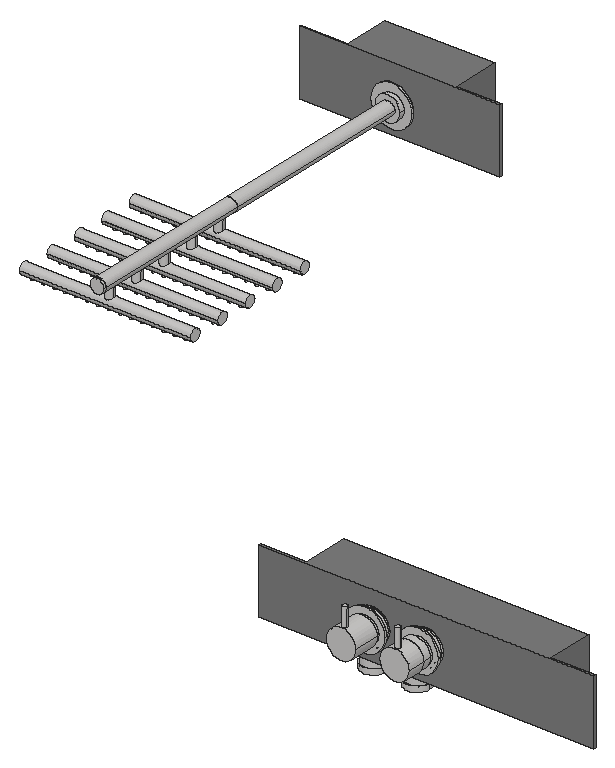
Revit family "5251", category Plumbing Fixtures, Revit 2021
Family settings
  Round Connector Dimension = Use Diameter
  Part Type = Normal
  Work Plane-Based = No
  Always vertical = Yes
  Cut with Voids When Loaded = No
  Shared = No
  Room Calculation Point = No
Parameters
  e-mail = "info@vola.com"
  URL = "http://vola.com"
  Telephone = "+45 7023 5500"
  Shower Head Height = 1800.00 mm
  Quality management standard = "ISO 9001"
  Organisation no. / DUNS no. = "17531328"
  Occupational health and safety management standard = "ISO 18001"
  Mounting Instructions = "http://vola.com/service/producturl.ashx?name=5251"
  Model = "5251"
  Mixer Offset [instance] = 12.00 mm
  Mixer = yes
  Materials and components information = "http://vola.com/service/producturl.ashx?name=5251"
  Manufacturer = "VOLA A/S"
  Maintenance Instructions = "http://vola.com/service/producturl.ashx?name=5251"
  Handle Height = 1100.00 mm
  Guarantee = "2 years"
  Flow = "23,00 l/min"
  Environmental management standard = "ISO 14000"
  Default Elevation = 0.00 mm
  Connection - All relevant connections = "¾\" for water connection"
  Approvals = "http://vola.com/service/producturl.ashx?name=5251"
Reference planes
  plane 1 "Center (Front/Back)": y = 0
  plane 2: z = 0
  plane 3 "Center (Left/Right)": x = 0
  plane 4 "Mixer plane": y = 12
  plane 5: z = 1100
  plane 6 "Wall Surface": y = 0
Forms (mm)
  Extrusion 1, solid, material "Stainless Steel", visible <- "Mixer"
    sketch origin (14.11, 9.5, 1100) x (0, 0, -1) y (1, 0, 0)
      loop
        circle (0, 24.89) r 24.89
    from 0 to 9.5
  Extrusion 2, solid, material "Stainless Steel", visible <- "Mixer"
    sketch origin (-63.89, 9.5, 1100) x (0, 0, -1) y (1, 0, 0)
      loop
        circle (0, 24.89) r 24.89
    from 0 to 9.5
  Extrusion 3, solid, material "Stainless Steel", visible <- "Mixer"
    sketch origin (-145, 12, 1847.5) x (0, 0, -1) y (1, 0, 0)
      loop
        circle (47.5, 145) r 16.5
    from 0.5 to 12 <- "Mixer Offset"
Dimensions and locks
  "Mixer Offset": plane 4 "Mixer plane" to plane 1 "Center (Front/Back)"
  "Handle Height": plane 5 to level
  "Shower Head Height": nested 6 to level
  aligned and locked: plane 2 to level
  aligned and locked: nested 4 to plane 4 "Mixer plane"
  aligned and locked: plane 1 "Center (Front/Back)" to Extrusion 1
  aligned and locked: plane 1 "Center (Front/Back)" to Extrusion 2
  aligned and locked: plane 5 to nested 4
  aligned and locked: nested 5 to plane 5
  aligned and locked: nested 3 to plane 5
  aligned and locked: nested 7 to nested 6
Automatic sketch dimensions
  Extrusion 3 sketch curve to Extrusion 3 sketch curve = 0.00 mm  (x2)
  nested 7 to Extrusion 3 sketch curve = 47.50 mm
  nested 7 to Extrusion 3 sketch curve = 128.50 mm
  Extrusion 3 sketch curve to Extrusion 3 sketch curve = 16.50 mm
  radius of Extrusion 1 sketch curve to nested 4 = 0.00 mm
  radius of Extrusion 2 sketch curve to nested 4 = 0.00 mm
Nested families
  nested 1: "NR52" at (39, -2, 1100), built-in parameter 1001364 <- "Handle Height", type "NR52"
  nested 2: "NR51" at (-39, -2, 1100), built-in parameter 1001364 <- "Handle Height", type "NR51"
  nested 3: "2001" at (-39, 0, 1100) x (1, 0, 0) z (0, -1, 0), type "2001"
  nested 4: "5200V" at (0, 83.5, 1015), visible <- "Mixer", type "5200V"
  nested 5: "2001" at (39, 0, 1100) x (1, 0, 0) z (0, -1, 0), type "2001"
  nested 6: "050" at (0, 0, 1800), type "050"
  nested 7: "200M" at (0, 12, 1800) x (1, 0, 0) z (0, 1, 0), built-in parameter 1001364 <- "Mixer Offset", visible <- "Mixer", type "200M"
Connectors
  piping at (-71, 54.5, 1015), diameter 37
    settings: on nested 4, index 1, connector inside diameter 1.45669", connector length 0.00 mm, flow factor 0, pipe flow 0 GPM, pressure drop 0.00 psi, fitting loss kfactor 0, connector angle 0.00°, fixture units 0, engagement length 0.00 mm, angle of deflection 0.00°, flow configuration 0, flow direction 1, fitting loss method 0, system type 19, joint type 0, gender type 0, connector reference index -1, connector utility 0, adjustable connector no, is connector primary yes, connector description ""
  piping at (-7, 54.5, 1015), diameter 37
    settings: on nested 4, index 2, connector inside diameter 1.45669", connector length 0.00 mm, flow factor 0, pipe flow 0 GPM, pressure drop 0.00 psi, fitting loss kfactor 0, connector angle 0.00°, fixture units 0, engagement length 0.00 mm, angle of deflection 0.00°, flow configuration 0, flow direction 1, fitting loss method 0, system type 20, joint type 0, gender type 0, connector reference index -1, connector utility 0, adjustable connector no, is connector primary no, connector description ""
Definition of nested family "NR52"
  Parameters
    e-mail = "info@vola.com"
    URL = "http://vola.com"
    Telephone = "+45 7023 5500"
    Quality management standard = "ISO 9001"
    Organisation no. / DUNS no. = "17531328"
    Occupational health and safety management standard = "ISO 18001"
    Mounting Instructions = "http://vola.com/service/producturl.ashx?name=NR52"
    Model = "NR52"
    Materials and components information = "http://vola.com/service/producturl.ashx?name=NR52"
    Manufacturer = "VOLA A/S"
    Maintenance Instructions = "http://vola.com/service/producturl.ashx?name=NR52"
    Guarantee = "2 years"
    Environmental management standard = "ISO 14000"
    Default Elevation = 0.00 mm
    Connection - All relevant connections = ""
    Approvals = "http://vola.com/service/producturl.ashx?name=NR52"
  Reference planes
    plane 1 "Center (Front/Back)": y = 0
    plane 2: z = 0
    plane 3 "Center (Left/Right)": x = 0
  Forms (mm)
    Extrusion 1, solid
      sketch origin (0, 0, 0) x (1, 0, 0) y (0, 0, 1)
        loop
          circle (0, 0) r 20
      from 0 to 5
    Extrusion 2, solid
      sketch origin (0, 0, 0) x (1, 0, 0) y (0, 0, 1)
        loop
          circle (0, 0) r 21.5
      from 17 to 42.5
    Extrusion 3, solid
      sketch origin (0, -2, 0) x (0, -1, 0) y (1, 0, 0)
        loop
          circle (34.5, 0) r 3.5
      from 0 to 47.5
    Extrusion 4, solid
      sketch origin (0, 10.75, -47.4) x (0, -1, 0) y (1, 0, 0)
        loop
          circle (34.5, 0) r 3.5
      from 22.5 to 47.4
    Extrusion 5, solid
      sketch origin (0, 11.93, 0) x (1, 0, 0) y (0, 0, 1)
        loop
          circle (0, 0) r 21.5
      from 16.93 to 28.93
  Cuts and joins
    joined: Extrusion 2, Extrusion 3, Extrusion 4
  Dimensions and locks
    aligned and locked: plane 2 to level
    aligned and locked: Extrusion 2 to Extrusion 5
    aligned and locked: Extrusion 1 to Extrusion 5
Definition of nested family "NR51"
  Parameters
    e-mail = "info@vola.com"
    URL = "http://vola.com"
    Telephone = "+45 7023 5500"
    Quality management standard = "ISO 9001"
    Organisation no. / DUNS no. = "17531328"
    Occupational health and safety management standard = "ISO 18001"
    Mounting Instructions = "http://vola.com/service/producturl.ashx?name=NR51"
    Model = "NR51"
    Materials and components information = "http://vola.com/service/producturl.ashx?name=NR51"
    Manufacturer = "VOLA A/S"
    Maintenance Instructions = "http://vola.com/service/producturl.ashx?name=NR51"
    Guarantee = "2 years"
    Environmental management standard = "ISO 14000"
    Default Elevation = 0.00 mm
    Connection - All relevant connections = ""
    Approvals = "http://vola.com/service/producturl.ashx?name=NR51"
  Reference planes
    plane 1 "Center (Front/Back)": y = 0
    plane 2: z = 0
    plane 3 "Center (Left/Right)": x = 0
  Forms (mm)
    Extrusion 1, solid
      sketch origin (0, 0, 0) x (1, 0, 0) y (0, 0, 1)
        loop
          circle (0, 0) r 21.5
      from 5 to 42.5
    Extrusion 2, solid
      sketch origin (0, -2, 0) x (0, -1, 0) y (1, 0, 0)
        loop
          circle (34.5, 0) r 3.5
      from 0 to 47.5
    Extrusion 3, solid
      sketch origin (0, 0, 0) x (1, 0, 0) y (0, 0, 1)
        loop
          circle (0, 0) r 20
      from 0 to 5
  Cuts and joins
    joined: Extrusion 1, Extrusion 2
  Dimensions and locks
    aligned and locked: plane 2 to level
Definition of nested family "2001"
  Parameters
    e-mail = "info@vola.com"
    URL = "http://vola.com"
    Telephone = "+45 7023 5500"
    Quality management standard = "ISO 9001"
    Organisation no. / DUNS no. = "17531328"
    Occupational health and safety management standard = "ISO 18001"
    Mounting Instructions = "http://vola.com/service/producturl.ashx?name=2001"
    Model = "2001"
    Materials and components information = "http://vola.com/service/producturl.ashx?name=2001"
    Manufacturer = "VOLA A/S"
    Maintenance Instructions = "http://vola.com/service/producturl.ashx?name=2001"
    Guarantee = "2 years"
    Environmental management standard = "ISO 14000"
    Default Elevation = 1219.20 mm
    Connection - All relevant connections = ""
    Approvals = "http://vola.com/service/producturl.ashx?name=2001"
  Reference planes
    plane 1 "Center (Front/Back)": y = 0
    plane 2: z = 0
    plane 3 "Center (Left/Right)": x = 0
  Forms (mm)
    Extrusion 1, solid
      sketch origin (0, 0, 0) x (1, 0, 0) y (0, 1, 0)
        loop
          circle (0, 0) r 19.5
        loop
          circle (0, 0) r 30
      from 0 to 2
  Dimensions and locks
    aligned and locked: plane 2 to level
Definition of nested family "5200V"
  Parameters
    e-mail = "info@vola.com"
    URL = "http://vola.com"
    Telephone = "+45 7023 5500"
    Quality management standard = "ISO 9001"
    Organisation no. / DUNS no. = "17531328"
    Occupational health and safety management standard = "ISO 18001"
    Mounting Instructions = "http://vola.com/service/producturl.ashx?name=5200V"
    Model = "5200V"
    Materials and components information = "http://vola.com/service/producturl.ashx?name=5200V"
    Manufacturer = "VOLA A/S"
    Maintenance Instructions = "http://vola.com/service/producturl.ashx?name=5200V"
    Guarantee = "2 years"
    Flow = "45,00 l/min"
    Environmental management standard = "ISO 14000"
    Default Elevation = 0.00 mm
    Connection - All relevant connections = ""
    Approvals = "http://vola.com/service/producturl.ashx?name=5200V"
  Reference planes
    plane 1 "Center (Front/Back)": y = 0
    plane 2: z = 0
    plane 3 "Center (Left/Right)": x = 0
    plane 4 "Inlet Center Plane": y = -29
    plane 5: z = 85
  Forms (mm)
    Extrusion 1, solid
      sketch origin (10, 0, 16) x (1, 0, 0) y (0, 1, 0)
        loop
          line (-147.5, 0) -> (-147.5, -69) -> (210.5, -69) -> (210.5, 0) -> (-147.5, 0)
      from 21.5 to 116.5
    Extrusion 2, solid
      sketch origin (10, -1, 16) x (1, 0, 0) y (0, 1, 0)
        loop
          line (-215, -68) -> (-215, -70.5) -> (275.5, -70.5) -> (275.5, -68) -> (-215, -68)
      from 21.5 to 116.5
    Extrusion 3, solid
      sketch origin (-59, -4, 37.5) x (0, 1, 0) y (1, 0, 0)
        loop
          circle (-25, -12) r 16.5
      from 0 to 29.77
    Extrusion 4, solid
      sketch origin (5, -4, 37.5) x (0, 1, 0) y (1, 0, 0)
        loop
          circle (-25, -12) r 16.5
      from 0 to 29.77
    Extrusion 5, solid
      sketch origin (-51.5, -71.5, 16) x (-1, 0, 0) y (0, 0, -1)
        loop
          circle (-12.5, -69) r 24.89
      from 0 to 2.5
    Extrusion 6, solid
      sketch origin (26.5, -71.5, 16) x (-1, 0, 0) y (0, 0, -1)
        loop
          circle (-12.5, -69) r 24.89
      from 0 to 2.5
    Extrusion 7, solid
      sketch origin (-59, -4, 7.73) x (-1, 0, 0) y (0, 1, 0)
        loop
          circle (12, -25) r 18.5
      from 0 to 7.73
    Extrusion 8, solid
      sketch origin (5, -4, 7.73) x (-1, 0, 0) y (0, 1, 0)
        loop
          circle (12, -25) r 18.5
      from 0 to 7.73
  Cuts and joins
    joined: Extrusion 1, Extrusion 2
  Lines and regions (mm)
    reference lines
      curve 1: line (39, -29, 85) -> (39, -121.5, 85)
      curve 2: line (-39, -29, 85) -> (-39, -121.5, 85)
      curve 3: line (-71, -29, 85) -> (-71, -29, -14)
      curve 4: line (-7, -29, 85) -> (-7, -29, -14)
  Dimensions and locks
    aligned and locked: plane 2 to level
    aligned and locked: Extrusion 1 to Extrusion 2
    aligned and locked: Extrusion 2 to Extrusion 1
Definition of nested family "050"
  Parameters
    e-mail = "info@vola.com"
    URL = "http://vola.com"
    Telephone = "+45 7023 5500"
    Quality management standard = "ISO 9001"
    Organisation no. / DUNS no. = "17531328"
    Occupational health and safety management standard = "ISO 18001"
    Mounting Instructions = "http://vola.com/service/producturl.ashx?name=050"
    Model = "050"
    Materials and components information = "http://vola.com/service/producturl.ashx?name=050"
    Manufacturer = "VOLA A/S"
    Maintenance Instructions = "http://vola.com/service/producturl.ashx?name=050"
    Guarantee = "2 years"
    Flow = "23,00 l/min"
    Environmental management standard = "ISO 14000"
    Default Elevation = 0.00 mm
    Connection - All relevant connections = ""
    Approvals = "http://vola.com/service/producturl.ashx?name=050"
  Reference planes
    plane 1 "Center (Front/Back)": y = 0
    plane 2: z = 0
    plane 3 "Center (Left/Right)": x = 0
    plane 4: y = -317
  Forms (mm)
    Extrusion 1, solid
      sketch origin (0, 0, 0) x (1, 0, 0) y (0, 0, 1)
        loop
          circle (0, 0) r 30
      from 0 to 2
    Extrusion 2, solid
      sketch origin (0, -2, 0) x (1, 0, 0) y (0, 0, 1)
        loop
          circle (0, 0) r 18
      from 0 to 7
    Extrusion 3, solid
      sketch origin (0, -9, 0) x (1, 0, 0) y (0, 0, 1)
        loop
          circle (0, 0) r 10
      from 0 to 288
    Extrusion 4, solid
      sketch origin (0, -297, 0) x (1, 0, 0) y (0, 0, 1)
        loop
          circle (0, 0) r 10
      from 0 to 240
    Extrusion 5, solid
      sketch origin (0, -537, 0) x (1, 0, 0) y (0, 0, 1)
        loop
          circle (0, 0) r 10
      from 0 to 3
    Extrusion 6, solid
      sketch origin (0, 0, 0) x (1, 0, 0) y (0, 1, 0)
        loop
          circle (0, -317) r 6
      from -30 to 0
    Extrusion 7, solid
      sketch origin (0, -50, 0) x (1, 0, 0) y (0, 1, 0)
        loop
          circle (0, -317) r 6
      from -30 to 0
    Extrusion 8, solid
      sketch origin (0, -100, 0) x (1, 0, 0) y (0, 1, 0)
        loop
          circle (0, -317) r 6
      from -30 to 0
    Extrusion 9, solid
      sketch origin (0, -150, 0) x (1, 0, 0) y (0, 1, 0)
        loop
          circle (0, -317) r 6
      from -30 to 0
    Extrusion 10, solid
      sketch origin (0, -200, 0) x (1, 0, 0) y (0, 1, 0)
        loop
          circle (0, -317) r 6
      from -30 to 0
    Extrusion 11, solid
      sketch origin (0, 0, 0) x (0, 1, 0) y (0, 0, 1)
        loop
          circle (-317, -30) r 8
      from -125 to 125
    Extrusion 12, solid
      sketch origin (0, -50, 0) x (0, 1, 0) y (0, 0, 1)
        loop
          circle (-317, -30) r 8
      from -125 to 125
    Extrusion 13, solid
      sketch origin (0, -100, 0) x (0, 1, 0) y (0, 0, 1)
        loop
          circle (-317, -30) r 8
      from -125 to 125
    Extrusion 14, solid
      sketch origin (0, -150, 0) x (0, 1, 0) y (0, 0, 1)
        loop
          circle (-317, -30) r 8
      from -125 to 125
    Extrusion 15, solid
      sketch origin (0, -200, 0) x (0, 1, 0) y (0, 0, 1)
        loop
          circle (-317, -30) r 8
      from -125 to 125
    Extrusion 16, solid
      sketch origin (0, 0, 0) x (1, 0, 0) y (0, 1, 0)
        loop
          circle (0, -517) r 2.5
        loop
          circle (16, -517) r 2.5
        loop
          circle (32, -517) r 2.5
        loop
          circle (48, -517) r 2.5
        loop
          circle (64, -517) r 2.5
        loop
          circle (80, -517) r 2.5
        loop
          circle (96, -517) r 2.5
        loop
          circle (112, -517) r 2.5
        loop
          circle (-16, -517) r 2.5
        loop
          circle (-32, -517) r 2.5
        loop
          circle (-48, -517) r 2.5
        loop
          circle (-64, -517) r 2.5
        loop
          circle (-80, -517) r 2.5
        loop
          circle (-96, -517) r 2.5
        loop
          circle (-112, -517) r 2.5
      from -37 to -40
    Extrusion 17, solid
      sketch origin (0, 50, 0) x (1, 0, 0) y (0, 1, 0)
        loop
          circle (0, -517) r 2.5
        loop
          circle (16, -517) r 2.5
        loop
          circle (32, -517) r 2.5
        loop
          circle (48, -517) r 2.5
        loop
          circle (64, -517) r 2.5
        loop
          circle (80, -517) r 2.5
        loop
          circle (96, -517) r 2.5
        loop
          circle (112, -517) r 2.5
        loop
          circle (-16, -517) r 2.5
        loop
          circle (-32, -517) r 2.5
        loop
          circle (-48, -517) r 2.5
        loop
          circle (-64, -517) r 2.5
        loop
          circle (-80, -517) r 2.5
        loop
          circle (-96, -517) r 2.5
        loop
          circle (-112, -517) r 2.5
      from -37 to -40
    Extrusion 18, solid
      sketch origin (0, 100, 0) x (1, 0, 0) y (0, 1, 0)
        loop
          circle (0, -517) r 2.5
        loop
          circle (16, -517) r 2.5
        loop
          circle (32, -517) r 2.5
        loop
          circle (48, -517) r 2.5
        loop
          circle (64, -517) r 2.5
        loop
          circle (80, -517) r 2.5
        loop
          circle (96, -517) r 2.5
        loop
          circle (112, -517) r 2.5
        loop
          circle (-16, -517) r 2.5
        loop
          circle (-32, -517) r 2.5
        loop
          circle (-48, -517) r 2.5
        loop
          circle (-64, -517) r 2.5
        loop
          circle (-80, -517) r 2.5
        loop
          circle (-96, -517) r 2.5
        loop
          circle (-112, -517) r 2.5
      from -37 to -40
    Extrusion 19, solid
      sketch origin (0, 150, 0) x (1, 0, 0) y (0, 1, 0)
        loop
          circle (0, -517) r 2.5
        loop
          circle (16, -517) r 2.5
        loop
          circle (32, -517) r 2.5
        loop
          circle (48, -517) r 2.5
        loop
          circle (64, -517) r 2.5
        loop
          circle (80, -517) r 2.5
        loop
          circle (96, -517) r 2.5
        loop
          circle (112, -517) r 2.5
        loop
          circle (-16, -517) r 2.5
        loop
          circle (-32, -517) r 2.5
        loop
          circle (-48, -517) r 2.5
        loop
          circle (-64, -517) r 2.5
        loop
          circle (-80, -517) r 2.5
        loop
          circle (-96, -517) r 2.5
        loop
          circle (-112, -517) r 2.5
      from -37 to -40
    Extrusion 20, solid
      sketch origin (0, 200, 0) x (1, 0, 0) y (0, 1, 0)
        loop
          circle (0, -517) r 2.5
        loop
          circle (16, -517) r 2.5
        loop
          circle (32, -517) r 2.5
        loop
          circle (48, -517) r 2.5
        loop
          circle (64, -517) r 2.5
        loop
          circle (80, -517) r 2.5
        loop
          circle (96, -517) r 2.5
        loop
          circle (112, -517) r 2.5
        loop
          circle (-16, -517) r 2.5
        loop
          circle (-32, -517) r 2.5
        loop
          circle (-48, -517) r 2.5
        loop
          circle (-64, -517) r 2.5
        loop
          circle (-80, -517) r 2.5
        loop
          circle (-96, -517) r 2.5
        loop
          circle (-112, -517) r 2.5
      from -37 to -40
  Cuts and joins
    joined: Extrusion 4, Extrusion 6, Extrusion 7, Extrusion 8, Extrusion 9, Extrusion 10, Extrusion 11, Extrusion 12, Extrusion 13, Extrusion 14, Extrusion 15, Extrusion 16, Extrusion 17, Extrusion 18, Extrusion 19, Extrusion 20
  Dimensions and locks
    aligned and locked: plane 2 to level
Definition of nested family "200M"
  Parameters
    e-mail = "info@vola.com"
    URL = "http://vola.com"
    Telephone = "+45 7023 5500"
    Quality management standard = "ISO 9001"
    Organisation no. / DUNS no. = "17531328"
    Occupational health and safety management standard = "ISO 18001"
    Mounting Instructions = "http://vola.com/service/producturl.ashx?name=200M"
    Model = "200M"
    Materials and components information = "http://vola.com/service/producturl.ashx?name=200M"
    Manufacturer = "VOLA A/S"
    Maintenance Instructions = "http://vola.com/service/producturl.ashx?name=200M"
    Guarantee = "2 years"
    Environmental management standard = "ISO 14000"
    Default Elevation = 1219.20 mm
    Connection - All relevant connections = ""
    Approvals = "http://vola.com/service/producturl.ashx?name=200M"
  Reference planes
    plane 1 "Center (Front/Back)": y = 0
    plane 2: z = 0
    plane 3 "Center (Left/Right)": x = 0
  Forms (mm)
    Extrusion 1, solid
      sketch origin (0, 69, 70.5) x (1, 0, 0) y (0, 0, 1)
        loop
          line (-77.5, 1) -> (-77.5, -68) -> (82.5, -68) -> (82.5, 1) -> (-77.5, 1)
      from 21.5 to 116.5
    Extrusion 2, solid
      sketch origin (0, 69, 70.5) x (1, 0, 0) y (0, 0, 1)
        loop
          line (-145, -68) -> (-145, -70.5) -> (147.5, -70.5) -> (147.5, -68) -> (-145, -68)
      from 21.5 to 116.5
    Extrusion 3, solid
      sketch origin (1071.5, 69, 68) x (0, 1, 0) y (1, 0, 0)
        loop
          circle (-69, -1071.5) r 16.5
      from 68 to 68.5
  Cuts and joins
    joined: Extrusion 1, Extrusion 2
  Lines and regions (mm)
    reference lines
      curve 1: line (0, 0, -0.5) -> (0, 0, -20.5)
      curve 2: line (0, 0, 27.5) -> (0, -99, 27.5)
      curve 3: line (0, 0, 38) -> (0, 99, 38)
  Dimensions and locks
    aligned and locked: plane 2 to level
    aligned and locked: Extrusion 2 to Extrusion 1  (x2)
